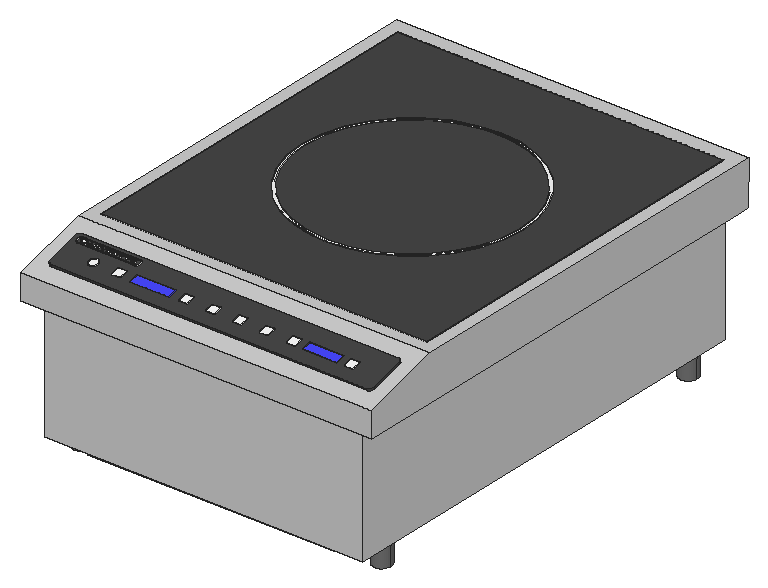
Revit family "QF_ADVENTYS_BTIC_6000_250902083901", category Specialty Equipment, Revit 2021
Family settings
  Round Connector Dimension = Use Diameter
  Part Type = Normal
  OmniClass Number = 23.40.40.14
  OmniClass Title = Food Service Equipment
  Work Plane-Based = No
  Always vertical = Yes
  Cut with Voids When Loaded = No
  Shared = No
  Room Calculation Point = No
Parameters (values of type "ADV2149")
  Weight in Pounds [instance] = 0
  Weight = 10.00 kg
  Warranty Start Date [instance] = ""
  Warranty Duration [instance] = ""
  Volts [instance] = 230 V
  URL Recommended Spares List = ""
  URL Manufacturer = ""
  URL Cutsheet = ""
  URL Critical Spares List = ""
  URL = "www.adventys.com"
  Tag Number [instance] = ""
  Status [instance] = ""
  Specification by User [instance] = ""
  Specification by Manufacturer [instance] = ""
  Sound Level [instance] = ""
  Solid Fuel Type [instance] = ""
  Service Life Duration [instance] = ""
  Serial Number [instance] = ""
  Seismic Rating [instance] = ""
  SMACNA No [instance] = ""
  Revision Code [instance] = ""
  Revision [instance] = ""
  Production Year [instance] = ""
  Point Load [instance] = 0
  Phase [instance] = 1
  Other Equipment Approvals [instance] = ""
  Number of Poles [instance] = 2
  NAFEM Spec ID Number [instance] = ""
  Model Warning [instance] = ""
  Model = "BTIC 6000"
  Min Ckt Ampacity [instance] = 0 A
  Max Overcurrent Protection [instance] = 16 A
  Masterspec [instance] = ""
  Manufacturer = "ADVENTYS"
  Length Actual = 392 mm
  Item Number [instance] = ""
  Installed By [instance] = ""
  Installation Date [instance] = ""
  Identify Quantity as Lot [instance] = no
  ID [instance] = ""
  Hygiene Approval [instance] = ""
  Hot Water Consumption = 0.0 L/s
  Height Actual = 206 mm
  HP power [instance] = ""
  Furnished By [instance] = ""
  Foodservice Equipment Identifier [instance] = no
  FL Amps [instance] = 10 A
  Electrical Remarks [instance] = "Plug not included"
  Electric power [instance] = 0 W
  Electric Connection Type [instance] = "Cord&Plug"
  Elec Conn RI Height [instance] = 0 mm
  Elec Conn Connection Height [instance] = 0 mm
  ETL Approved [instance] = no
  Description = "THREE-PHASE BIOLINE INDUCTION HOB"
  Depth Actual = 526 mm
  Default Elevation = 0 mm
  Cycle [instance] = 50 Hz
  Cost = 0
  Conn Plug [instance] = ""
  Conn Conduit [instance] = no
  CSI MasterFormat [instance] = ""
  CE Approved [instance] = no
  Barcode [instance] = 0
  Author [instance] = ""
  Asset Identifier [instance] = ""
  Apparent Power [instance] = 6000 VA
  Accessory = no
Reference planes
  plane 1 "Center (Front/Back)": y = 0
  plane 2: z = 0
  plane 3 "Center (Left/Right)": x = 0
Forms (mm)
  Extrusion 1, solid, not visible
    sketch origin (330.016, -72.004, 18.001) x (1, 0, 0) y (0, 1, 0)
      loop
        line (-2, 2) -> (-2, -2) -> (2, -2) -> (2, 2) -> (-2, 2)
    from -2 to 2
Dimensions and locks
  locked: nested 2 to Extrusion 1 at 2  (x2)
  aligned and locked: level to plane 2
Nested families
  nested 1: "QF_ADVENTYS_ADV2149_2916" at (0, 0, 0), type "ADV2149"
    with Status "", Show Logo yes, Show Clearance yes
  nested 2: "CONN_POINT_ELE_2D___Generic_Annotation" at (330.016, -72.004, 16.001), type "CONN_POINT_ELE_2D___Generic_Annotation"
    with Onboard connection annotation symbol visibility yes
Connectors
  electrical at (330.016, -72.004, 16.001), driven by "Apparent Power", driven by "Number of Poles", driven by "Volts"
    settings: on Extrusion 1, index 1, voltage 230 V, apparent load 0 VA, apparent load phase1 6000 VA, apparent load phase2 0 VA, apparent load phase3 0 VA, power factor 1, load classification "Other", number of poles 2, system type 31, power factor state 1, is connector primary yes, connector utility no, sub classification motor no, connector description "Electrical connection for BTIC 6000"
Definition of nested family "QF_ADVENTYS_ADV2149_2916"
  Parameters (values of type "ADV2149")
    URL = "www.adventys.com"
    Status [instance] = ""
    Show Logo [instance] = yes
    Show Clearance [instance] = yes
    Model = "BTIC 6000"
    Manufacturer = "ADVENTYS"
    Description = "THREE-PHASE BIOLINE INDUCTION HOB"
    Default Elevation = 0 mm
    Author = "SPECIFI"
    Assembly Code = "E1090320"
  Reference planes
    plane 1 "Back": y = 0
    plane 2: z = 0
    plane 3 "Left": x = 0
    plane 4 "Right": x = 392
    plane 5 "Front": y = -526
    plane 6 "Top": z = 206
  Forms (mm)
    Extrusion 1, solid
      sketch origin (0, -550, 28.399) x (0, 1, 0) y (0, 0, 1)
        loop
          line (105.13, 177.601) -> (24, 155.863) -> (24, 127.601) -> (539.79, 127.601) -> (550, 127.601) -> (550, 177.601) -> (105.13, 177.601)
      from 0 to 392
    Extrusion 2, void
      sketch origin (0, 550, 28.399) x (1, 0, 0) y (0, 1, 0)
        loop
          line (13.2, -565.546) -> (13.2, -980.546) -> (377.593, -980.546) -> (377.593, -565.546) -> (13.2, -565.546)
      from 139.493 to 177.601
    Extrusion 3, solid
      sketch origin (41, -114.666, 146.434) x (1, 0, 0) y (0, 0.965926, 0.258819)
        loop
          arc (-21, -323.032) -> (-24.536, -324.496) -> (-26, -328.032) r 5
          line (-26, -328.032) -> (-26, -363.032)
          arc (-26, -363.032) -> (-24.536, -366.568) -> (-21, -368.032) r 5
          line (-21, -368.032) -> (331, -368.032)
          arc (331, -368.032) -> (334.536, -366.568) -> (336, -363.032) r 5
          line (336, -363.032) -> (336, -328.032)
          arc (336, -328.032) -> (334.536, -324.496) -> (331, -323.032) r 5
          line (331, -323.032) -> (-21, -323.032)
        loop
          circle (10.799, -348.029) r 5
        loop
          line (34.385, -344.032) -> (34.385, -352.032)
          arc (34.385, -352.032) -> (34.678, -352.739) -> (35.385, -353.032) r 1
          line (35.385, -353.032) -> (43.385, -353.032)
          arc (43.385, -353.032) -> (44.092, -352.739) -> (44.385, -352.032) r 1
          line (44.385, -352.032) -> (44.385, -344.032)
          arc (44.385, -344.032) -> (44.092, -343.325) -> (43.385, -343.032) r 1
          line (43.385, -343.032) -> (35.385, -343.032)
          arc (35.385, -343.032) -> (34.678, -343.325) -> (34.385, -344.032) r 1
        loop
          line (109.385, -344.032) -> (109.385, -352.032)
          arc (109.385, -352.032) -> (109.678, -352.739) -> (110.385, -353.032) r 1
          line (110.385, -353.032) -> (118.385, -353.032)
          arc (118.385, -353.032) -> (119.092, -352.739) -> (119.385, -352.032) r 1
          line (119.385, -352.032) -> (119.385, -344.032)
          arc (119.385, -344.032) -> (119.092, -343.325) -> (118.385, -343.032) r 1
          line (118.385, -343.032) -> (110.385, -343.032)
          arc (110.385, -343.032) -> (109.678, -343.325) -> (109.385, -344.032) r 1
        loop
          line (139.385, -344.032) -> (139.385, -352.032)
          arc (139.385, -352.032) -> (139.678, -352.739) -> (140.385, -353.032) r 1
          line (140.385, -353.032) -> (148.385, -353.032)
          arc (148.385, -353.032) -> (149.092, -352.739) -> (149.385, -352.032) r 1
          line (149.385, -352.032) -> (149.385, -344.032)
          arc (149.385, -344.032) -> (149.092, -343.325) -> (148.385, -343.032) r 1
          line (148.385, -343.032) -> (140.385, -343.032)
          arc (140.385, -343.032) -> (139.678, -343.325) -> (139.385, -344.032) r 1
        loop
          line (169.385, -344.032) -> (169.385, -352.032)
          arc (169.385, -352.032) -> (169.678, -352.739) -> (170.385, -353.032) r 1
          line (170.385, -353.032) -> (178.385, -353.032)
          arc (178.385, -353.032) -> (179.092, -352.739) -> (179.385, -352.032) r 1
          line (179.385, -352.032) -> (179.385, -344.032)
          arc (179.385, -344.032) -> (179.092, -343.325) -> (178.385, -343.032) r 1
          line (178.385, -343.032) -> (170.385, -343.032)
          arc (170.385, -343.032) -> (169.678, -343.325) -> (169.385, -344.032) r 1
        loop
          line (199.385, -344.032) -> (199.385, -352.032)
          arc (199.385, -352.032) -> (199.678, -352.739) -> (200.385, -353.032) r 1
          line (200.385, -353.032) -> (208.385, -353.032)
          arc (208.385, -353.032) -> (209.092, -352.739) -> (209.385, -352.032) r 1
          line (209.385, -352.032) -> (209.385, -344.032)
          arc (209.385, -344.032) -> (209.092, -343.325) -> (208.385, -343.032) r 1
          line (208.385, -343.032) -> (200.385, -343.032)
          arc (200.385, -343.032) -> (199.678, -343.325) -> (199.385, -344.032) r 1
        loop
          line (229.385, -344.032) -> (229.385, -352.032)
          arc (229.385, -352.032) -> (229.678, -352.739) -> (230.385, -353.032) r 1
          line (230.385, -353.032) -> (238.385, -353.032)
          arc (238.385, -353.032) -> (239.092, -352.739) -> (239.385, -352.032) r 1
          line (239.385, -352.032) -> (239.385, -344.032)
          arc (239.385, -344.032) -> (239.092, -343.325) -> (238.385, -343.032) r 1
          line (238.385, -343.032) -> (230.385, -343.032)
          arc (230.385, -343.032) -> (229.678, -343.325) -> (229.385, -344.032) r 1
        loop
          line (294.385, -344.032) -> (294.385, -352.032)
          arc (294.385, -352.032) -> (294.678, -352.739) -> (295.385, -353.032) r 1
          line (295.385, -353.032) -> (303.385, -353.032)
          arc (303.385, -353.032) -> (304.092, -352.739) -> (304.385, -352.032) r 1
          line (304.385, -352.032) -> (304.385, -344.032)
          arc (304.385, -344.032) -> (304.092, -343.325) -> (303.385, -343.032) r 1
          line (303.385, -343.032) -> (295.385, -343.032)
          arc (295.385, -343.032) -> (294.678, -343.325) -> (294.385, -344.032) r 1
        loop
          line (247.896, -343.032) -> (247.896, -353.032) -> (285.857, -353.032) -> (285.857, -343.032) -> (247.896, -343.032)
        loop
          line (55.396, -343.032) -> (55.396, -353.032) -> (98.982, -353.032) -> (98.982, -343.032) -> (55.396, -343.032)
      from 143 to 145
    Extrusion 4, solid
      sketch origin (41, -114.666, 146.434) x (1, 0, 0) y (0, 0.965926, 0.258819)
        loop
          circle (10.635, -348.032) r 5
        loop
          arc (35.385, -343.032) -> (34.678, -343.325) -> (34.385, -344.032) r 1
          line (34.385, -344.032) -> (34.385, -352.032)
          arc (34.385, -352.032) -> (34.678, -352.739) -> (35.385, -353.032) r 1
          line (35.385, -353.032) -> (43.385, -353.032)
          arc (43.385, -353.032) -> (44.092, -352.739) -> (44.385, -352.032) r 1
          line (44.385, -352.032) -> (44.385, -344.032)
          arc (44.385, -344.032) -> (44.092, -343.325) -> (43.385, -343.032) r 1
          line (43.385, -343.032) -> (35.385, -343.032)
        loop
          arc (110.385, -343.032) -> (109.678, -343.325) -> (109.385, -344.032) r 1
          line (109.385, -344.032) -> (109.385, -352.032)
          arc (109.385, -352.032) -> (109.678, -352.739) -> (110.385, -353.032) r 1
          line (110.385, -353.032) -> (118.385, -353.032)
          arc (118.385, -353.032) -> (119.092, -352.739) -> (119.385, -352.032) r 1
          line (119.385, -352.032) -> (119.385, -344.032)
          arc (119.385, -344.032) -> (119.092, -343.325) -> (118.385, -343.032) r 1
          line (118.385, -343.032) -> (110.385, -343.032)
        loop
          arc (140.385, -343.032) -> (139.678, -343.325) -> (139.385, -344.032) r 1
          line (139.385, -344.032) -> (139.385, -352.032)
          arc (139.385, -352.032) -> (139.678, -352.739) -> (140.385, -353.032) r 1
          line (140.385, -353.032) -> (148.385, -353.032)
          arc (148.385, -353.032) -> (149.092, -352.739) -> (149.385, -352.032) r 1
          line (149.385, -352.032) -> (149.385, -344.032)
          arc (149.385, -344.032) -> (149.092, -343.325) -> (148.385, -343.032) r 1
          line (148.385, -343.032) -> (140.385, -343.032)
        loop
          arc (170.385, -343.032) -> (169.678, -343.325) -> (169.385, -344.032) r 1
          line (169.385, -344.032) -> (169.385, -352.032)
          arc (169.385, -352.032) -> (169.678, -352.739) -> (170.385, -353.032) r 1
          line (170.385, -353.032) -> (178.385, -353.032)
          arc (178.385, -353.032) -> (179.092, -352.739) -> (179.385, -352.032) r 1
          line (179.385, -352.032) -> (179.385, -344.032)
          arc (179.385, -344.032) -> (179.092, -343.325) -> (178.385, -343.032) r 1
          line (178.385, -343.032) -> (170.385, -343.032)
        loop
          arc (200.385, -343.032) -> (199.678, -343.325) -> (199.385, -344.032) r 1
          line (199.385, -344.032) -> (199.385, -352.032)
          arc (199.385, -352.032) -> (199.678, -352.739) -> (200.385, -353.032) r 1
          line (200.385, -353.032) -> (208.385, -353.032)
          arc (208.385, -353.032) -> (209.092, -352.739) -> (209.385, -352.032) r 1
          line (209.385, -352.032) -> (209.385, -344.032)
          arc (209.385, -344.032) -> (209.092, -343.325) -> (208.385, -343.032) r 1
          line (208.385, -343.032) -> (200.385, -343.032)
        loop
          arc (230.385, -343.032) -> (229.678, -343.325) -> (229.385, -344.032) r 1
          line (229.385, -344.032) -> (229.385, -352.032)
          arc (229.385, -352.032) -> (229.678, -352.739) -> (230.385, -353.032) r 1
          line (230.385, -353.032) -> (238.385, -353.032)
          arc (238.385, -353.032) -> (239.092, -352.739) -> (239.385, -352.032) r 1
          line (239.385, -352.032) -> (239.385, -344.032)
          arc (239.385, -344.032) -> (239.092, -343.325) -> (238.385, -343.032) r 1
          line (238.385, -343.032) -> (230.385, -343.032)
        loop
          arc (295.385, -343.032) -> (294.678, -343.325) -> (294.385, -344.032) r 1
          line (294.385, -344.032) -> (294.385, -352.032)
          arc (294.385, -352.032) -> (294.678, -352.739) -> (295.385, -353.032) r 1
          line (295.385, -353.032) -> (303.385, -353.032)
          arc (303.385, -353.032) -> (304.092, -352.739) -> (304.385, -352.032) r 1
          line (304.385, -352.032) -> (304.385, -344.032)
          arc (304.385, -344.032) -> (304.092, -343.325) -> (303.385, -343.032) r 1
          line (303.385, -343.032) -> (295.385, -343.032)
      from 143 to 145
    Extrusion 5, solid, visible <- "Show Logo"
      sketch origin (-63.557, -15.93, 139.999) x (1, 0, 0) y (0, 0.965926, 0.258819)
        loop
          arc (88.581, -421.313) -> (88.113, -421.507) -> (87.92, -421.974) r 0.661
          line (87.92, -421.974) -> (87.92, -423.61)
          arc (87.92, -423.61) -> (88.124, -424.087) -> (88.609, -424.27) r 0.661
          line (88.609, -424.27) -> (88.609, -423.032)
          arc (88.609, -423.032) -> (88.952, -422.351) -> (89.662, -422.077) r 1.058
          line (89.662, -422.077) -> (92.486, -422.077)
          arc (92.486, -422.077) -> (92.335, -421.544) -> (91.833, -421.313) r 0.661
          line (91.833, -421.313) -> (88.581, -421.313)
        loop
          arc (88.581, -420.916) -> (87.833, -421.226) -> (87.523, -421.974) r 1.058
          line (87.523, -421.974) -> (87.523, -423.61)
          arc (87.523, -423.61) -> (87.843, -424.368) -> (88.609, -424.667) r 1.058
          arc (88.609, -424.667) -> (88.88, -425.483) -> (89.667, -425.828) r 1.058
          arc (89.667, -425.828) -> (89.974, -426.583) -> (90.725, -426.896) r 1.058
          line (90.725, -426.896) -> (93.719, -426.896)
          arc (93.719, -426.896) -> (94.467, -426.586) -> (94.777, -425.838) r 1.058
          line (94.777, -425.838) -> (94.777, -424.306)
          arc (94.777, -424.306) -> (94.463, -423.554) -> (93.708, -423.248) r 1.058
          arc (93.708, -423.248) -> (93.515, -422.517) -> (92.883, -422.101) r 1.058
          arc (92.883, -422.101) -> (92.625, -421.273) -> (91.833, -420.916) r 1.058
          line (91.833, -420.916) -> (88.581, -420.916)
        loop
          arc (93.719, -426.499) -> (94.187, -426.306) -> (94.38, -425.838) r 0.661
          line (94.38, -425.838) -> (94.38, -424.306)
          arc (94.38, -424.306) -> (94.185, -423.837) -> (93.714, -423.645) r 0.661
          line (93.714, -423.645) -> (93.714, -424.77)
          arc (93.714, -424.77) -> (93.404, -425.518) -> (92.656, -425.828) r 1.058
          line (92.656, -425.828) -> (90.064, -425.828)
          arc (90.064, -425.828) -> (90.254, -426.302) -> (90.725, -426.499) r 0.661
          line (90.725, -426.499) -> (93.719, -426.499)
        loop
          arc (95.546, -425.156) -> (95.587, -425.684) -> (96.116, -425.67) r 0.384
          line (96.116, -425.67) -> (96.845, -424.94) -> (99.743, -424.94) -> (100.472, -425.67)
          arc (100.472, -425.67) -> (101.001, -425.684) -> (101.042, -425.156) r 0.384
          line (101.042, -425.156) -> (98.294, -421.762) -> (95.546, -425.156)
        loop
          line (98.294, -423.127) -> (97.364, -424.275) -> (99.224, -424.275) -> (98.294, -423.127)
        loop
          line (102.315, -421.827) -> (102.315, -425.732) -> (105.995, -425.732)
          arc (105.995, -425.732) -> (107.947, -423.78) -> (105.995, -421.827) r 1.953
          line (105.995, -421.827) -> (102.315, -421.827)
        loop
          line (105.995, -422.854) -> (103.343, -422.854) -> (103.343, -424.705) -> (105.995, -424.705)
          arc (105.995, -424.705) -> (106.92, -423.78) -> (105.995, -422.854) r 0.925
        loop
          arc (109.84, -422.053) -> (109.312, -422.039) -> (109.27, -422.566) r 0.384
          line (109.27, -422.566) -> (112.019, -425.961) -> (114.767, -422.566)
          arc (114.767, -422.566) -> (114.725, -422.039) -> (114.197, -422.053) r 0.384
          line (114.197, -422.053) -> (112.019, -424.743) -> (109.84, -422.053)
        loop
          line (121.269, -421.781) -> (116.07, -421.781) -> (116.07, -425.732) -> (121.269, -425.732)
          arc (121.269, -425.732) -> (121.671, -425.331) -> (121.269, -424.93) r 0.401
          line (121.269, -424.93) -> (116.972, -424.93) -> (116.972, -424.139) -> (121.269, -424.139)
          arc (121.269, -424.139) -> (121.633, -423.775) -> (121.269, -423.412) r 0.363
          line (121.269, -423.412) -> (116.972, -423.412) -> (116.972, -422.583) -> (121.269, -422.583)
          arc (121.269, -422.583) -> (121.671, -422.182) -> (121.269, -421.781) r 0.401
        loop
          line (122.879, -422.331) -> (122.879, -425.274)
          arc (122.879, -425.274) -> (123.306, -425.701) -> (123.733, -425.274) r 0.427
          line (123.733, -425.274) -> (123.733, -423.122) -> (127.538, -425.5)
          arc (127.538, -425.5) -> (128.155, -425.516) -> (128.468, -424.984) r 0.608
          line (128.468, -424.984) -> (128.468, -422.254)
          arc (128.468, -422.254) -> (128.018, -421.804) -> (127.568, -422.254) r 0.45
          line (127.568, -422.254) -> (127.568, -424.337) -> (123.663, -421.897)
          arc (123.663, -421.897) -> (123.143, -421.883) -> (122.879, -422.331) r 0.513
        loop
          arc (130.273, -421.857) -> (129.778, -422.352) -> (130.273, -422.846) r 0.494
          line (130.273, -422.846) -> (132.065, -422.846) -> (132.065, -425.082)
          arc (132.065, -425.082) -> (132.54, -425.558) -> (133.016, -425.082) r 0.475
          line (133.016, -425.082) -> (133.016, -422.846) -> (134.724, -422.846)
          arc (134.724, -422.846) -> (135.218, -422.352) -> (134.724, -421.857) r 0.494
          line (134.724, -421.857) -> (130.273, -421.857)
        loop
          line (139.461, -423.175) -> (137.5, -421.853)
          arc (137.5, -421.853) -> (136.836, -421.982) -> (136.965, -422.646) r 0.479
          line (136.965, -422.646) -> (138.926, -423.969) -> (138.926, -425.108)
          arc (138.926, -425.108) -> (139.461, -425.643) -> (139.997, -425.108) r 0.535
          line (139.997, -425.108) -> (139.997, -423.969) -> (141.958, -422.646)
          arc (141.958, -422.646) -> (142.087, -421.982) -> (141.423, -421.853) r 0.479
          line (141.423, -421.853) -> (139.461, -423.175)
        loop
          line (148.501, -421.857) -> (144.795, -421.857)
          arc (144.795, -421.857) -> (143.661, -422.991) -> (144.795, -424.125) r 1.134
          line (144.795, -424.125) -> (147.852, -424.125)
          arc (147.852, -424.125) -> (148.265, -424.538) -> (147.852, -424.951) r 0.413
          line (147.852, -424.951) -> (144.128, -424.951)
          arc (144.128, -424.951) -> (143.786, -425.292) -> (144.128, -425.634) r 0.342
          line (144.128, -425.634) -> (148.218, -425.634)
          arc (148.218, -425.634) -> (148.994, -424.394) -> (147.885, -423.44) r 1.122
          line (147.885, -423.44) -> (144.736, -423.44)
          arc (144.736, -423.44) -> (144.286, -422.99) -> (144.736, -422.541) r 0.45
          line (144.736, -422.541) -> (148.501, -422.541)
          arc (148.501, -422.541) -> (148.843, -422.199) -> (148.501, -421.857) r 0.342
        loop
          arc (87.442, -420.162) -> (83.674, -423.931) -> (87.442, -427.699) r 3.769
          line (87.442, -427.699) -> (150.103, -427.699)
          arc (150.103, -427.699) -> (153.872, -423.931) -> (150.103, -420.162) r 3.769
          line (150.103, -420.162) -> (87.442, -420.162)
        loop
          arc (87.442, -419.771) -> (83.283, -423.931) -> (87.442, -428.091) r 4.16
          line (87.442, -428.091) -> (150.103, -428.091)
          arc (150.103, -428.091) -> (154.263, -423.931) -> (150.103, -419.771) r 4.16
          line (150.103, -419.771) -> (87.442, -419.771)
      from 176.77 to 176.97
    Extrusion 6, solid
      sketch origin (61, -114.666, 146.434) x (1, 0, 0) y (0, 0.965926, 0.258819)
        loop
          line (35.396, -343.032) -> (35.396, -353.032) -> (78.982, -353.032) -> (78.982, -343.032) -> (35.396, -343.032)
        loop
          line (227.896, -343.032) -> (227.896, -353.032) -> (265.857, -353.032) -> (265.857, -343.032) -> (227.896, -343.032)
      from 143 to 145
    Extrusion 7, solid
      sketch origin (0, 0, 33.109) x (1, 0, 0) y (0, 1, 0)
        loop
          line (377.593, -15.546) -> (13.2, -15.546) -> (13.2, -430.546) -> (377.593, -430.546) -> (377.593, -15.546)
        loop
          circle (195.397, -223.046) r 123
        loop
          circle (195.397, -223.046) r 120
      from 167.891 to 172.891
    Extrusion 8, solid
      sketch origin (328.715, -68.75, 0) x (1, 0, 0) y (0, 1, 0)
        loop
          circle (35.053, -407.215) r 10
      from 0 to 21.787
    Extrusion 9, solid
      sketch origin (328.715, 358.75, 0) x (1, 0, 0) y (0, 1, 0)
        loop
          circle (35.053, -407.215) r 10
      from 0 to 21.787
    Extrusion 10, solid
      sketch origin (2.465, 0, 0) x (0, 1, 0) y (0, 0, 1)
        loop
          line (-341, 21.787) -> (-502.47, 21.787) -> (-502.47, 11.787) -> (-341, 11.787) -> (-341, 21.787)
      from 53.604 to 328.859
    Extrusion 11, solid
      sketch origin (279.893, -13.777, 0) x (1, 0, 0) y (0, 1, 0)
        loop
          circle (50.572, -58.223) r 15
      from 15.423 to 21.787
    Extrusion 12, solid
      sketch origin (2.404, 0, 0) x (1, 0, 0) y (0, 1, 0)
        loop
          line (15.828, -10.21) -> (15.828, -515) -> (371.364, -515) -> (371.364, -10.21) -> (15.828, -10.21)
      from 21.787 to 156
    Extrusion 13, solid
      sketch origin (63.285, -68.75, 0) x (-1, 0, 0) y (0, -1, 0)
        loop
          circle (35.053, 407.215) r 10
      from 0 to 21.787
    Extrusion 14, solid
      sketch origin (63.285, 358.75, 0) x (-1, 0, 0) y (0, -1, 0)
        loop
          circle (35.053, 407.215) r 10
      from 0 to 21.787
    Extrusion 15, solid
      sketch origin (0, 0, 0) x (1, 0, 0) y (0, 1, 0)
        loop
          circle (195.397, -223.046) r 120
        loop
          circle (195.397, -223.046) r 123
      from 201 to 206
    Extrusion 16, void
      sketch origin (0, 0, 0) x (1, 0, 0) y (0, 1, 0)
        loop
          line (392, 0) -> (0, 0) -> (0, -526) -> (392, -526) -> (392, 0)
      from 0 to 156
  Cuts and joins
    Extrusion 2 cuts Extrusion 1
  Lines and regions (mm)
    symbolic lines
      curve 1: line (0, 0, 0) -> (392, 0, 0)
      curve 2: line (392, 0, 0) -> (392, -526, 0)
      curve 3: line (392, -526, 0) -> (0, -526, 0)
      curve 4: line (0, -526, 0) -> (0, 0, 0)
      curve 5: line (0, -444.87, 0) -> (392, -444.87, 0)
      curve 6: line (13.2, -430.546, 0) -> (377.593, -430.546, 0)
      curve 7: line (374.593, -427.546, 0) -> (16.2, -427.546, 0)
      curve 8: line (377.593, -430.546, 0) -> (377.593, -15.546, 0)
      curve 9: line (374.593, -18.546, 0) -> (374.593, -427.546, 0)
      curve 10: line (377.593, -15.546, 0) -> (13.2, -15.546, 0)
      curve 11: line (16.2, -18.546, 0) -> (374.593, -18.546, 0)
      curve 12: line (16.2, -427.546, 0) -> (16.2, -18.546, 0)
      curve 13: line (13.2, -15.546, 0) -> (13.2, -430.546, 0)
      curve 14: spline (20, -464.219, 0) -> (19.347, -464.261, 0) -> (18.706, -464.384, 0) -> (18.087, -464.587, 0) -> (17.5, -464.866, 0) -> (16.956, -465.217, 0) -> (16.464, -465.634, 0) -> (16.033, -466.109, 0) -> (15.67, -466.634, 0) -> (15.381, -467.201, 0) -> (15.17, -467.799, 0) -> (15.043, -468.419, 0) -> (15, -469.049, 0)
      curve 15: line (372, -464.219, 0) -> (20, -464.219, 0)
      curve 16: line (15, -469.049, 0) -> (15, -502.856, 0)
      curve 17: spline (15, -502.856, 0) -> (15.043, -503.487, 0) -> (15.17, -504.106, 0) -> (15.381, -504.705, 0) -> (15.67, -505.271, 0) -> (16.033, -505.796, 0) -> (16.464, -506.271, 0) -> (16.956, -506.688, 0) -> (17.5, -507.039, 0) -> (18.087, -507.318, 0) -> (18.706, -507.521, 0) -> (19.347, -507.645, 0) -> (20, -507.686, 0)
      curve 18: line (20, -507.686, 0) -> (372, -507.686, 0)
      curve 19: spline (372, -507.686, 0) -> (372.653, -507.645, 0) -> (373.294, -507.521, 0) -> (373.913, -507.318, 0) -> (374.5, -507.039, 0) -> (375.044, -506.688, 0) -> (375.536, -506.271, 0) -> (375.967, -505.796, 0) -> (376.33, -505.271, 0) -> (376.619, -504.705, 0) -> (376.83, -504.106, 0) -> (376.957, -503.487, 0) -> (377, -502.856, 0)
      curve 20: line (377, -502.856, 0) -> (377, -469.049, 0)
      curve 21: spline (377, -469.049, 0) -> (376.957, -468.419, 0) -> (376.83, -467.799, 0) -> (376.619, -467.201, 0) -> (376.33, -466.634, 0) -> (375.967, -466.109, 0) -> (375.536, -465.634, 0) -> (375.044, -465.217, 0) -> (374.5, -464.866, 0) -> (373.913, -464.587, 0) -> (373.294, -464.384, 0) -> (372.653, -464.261, 0) -> (372, -464.219, 0)
      curve 22: line (345.385, -492.231, 0) -> (345.385, -484.504, 0)
      curve 23: spline (345.385, -484.504, 0) -> (345.376, -484.378, 0) -> (345.351, -484.254, 0) -> (345.309, -484.134, 0) -> (345.251, -484.021, 0) -> (345.178, -483.916, 0) -> (345.092, -483.821, 0) -> (344.993, -483.737, 0) -> (344.885, -483.667, 0) -> (344.767, -483.611, 0) -> (344.643, -483.571, 0) -> (344.515, -483.546, 0) -> (344.385, -483.538, 0)
      curve 24: line (344.385, -483.538, 0) -> (336.385, -483.538, 0)
      curve 25: spline (336.385, -483.538, 0) -> (336.254, -483.546, 0) -> (336.126, -483.571, 0) -> (336.002, -483.611, 0) -> (335.885, -483.667, 0) -> (335.776, -483.737, 0) -> (335.678, -483.821, 0) -> (335.591, -483.916, 0) -> (335.519, -484.021, 0) -> (335.461, -484.134, 0) -> (335.419, -484.254, 0) -> (335.393, -484.378, 0) -> (335.385, -484.504, 0)
      curve 26: line (335.385, -484.504, 0) -> (335.385, -492.231, 0)
      curve 27: spline (336.385, -493.197, 0) -> (336.254, -493.189, 0) -> (336.126, -493.164, 0) -> (336.002, -493.124, 0) -> (335.885, -493.068, 0) -> (335.776, -492.998, 0) -> (335.678, -492.914, 0) -> (335.591, -492.819, 0) -> (335.519, -492.714, 0) -> (335.461, -492.601, 0) -> (335.419, -492.481, 0) -> (335.393, -492.357, 0) -> (335.385, -492.231, 0)
      curve 28: line (336.385, -493.197, 0) -> (344.385, -493.197, 0)
      curve 29: spline (344.385, -493.197, 0) -> (344.515, -493.189, 0) -> (344.643, -493.164, 0) -> (344.767, -493.124, 0) -> (344.885, -493.068, 0) -> (344.993, -492.998, 0) -> (345.092, -492.914, 0) -> (345.178, -492.819, 0) -> (345.251, -492.714, 0) -> (345.309, -492.601, 0) -> (345.351, -492.481, 0) -> (345.376, -492.357, 0) -> (345.385, -492.231, 0)
      curve 30: line (326.857, -493.197, 0) -> (326.857, -483.538, 0)
      curve 31: line (326.857, -483.538, 0) -> (288.896, -483.538, 0)
      curve 32: line (288.896, -493.197, 0) -> (326.857, -493.197, 0)
      curve 33: line (288.896, -483.538, 0) -> (288.896, -493.197, 0)
      curve 34: spline (56.635, -488.368, 0) -> (56.464, -487.118, 0) -> (55.965, -485.953, 0) -> (55.17, -484.952, 0) -> (54.135, -484.185, 0) -> (52.929, -483.702, 0) -> (51.635, -483.538, 0) -> (50.341, -483.702, 0) -> (49.135, -484.185, 0) -> (48.099, -484.952, 0) -> (47.305, -485.953, 0) -> (46.805, -487.118, 0) -> (46.635, -488.368, 0)
      curve 35: spline (46.635, -488.368, 0) -> (46.805, -489.618, 0) -> (47.305, -490.782, 0) -> (48.099, -491.783, 0) -> (49.135, -492.55, 0) -> (50.341, -493.033, 0) -> (51.635, -493.197, 0) -> (52.929, -493.033, 0) -> (54.135, -492.55, 0) -> (55.17, -491.783, 0) -> (55.965, -490.782, 0) -> (56.464, -489.618, 0) -> (56.635, -488.368, 0)
      curve 36: line (139.982, -483.538, 0) -> (96.396, -483.538, 0)
      curve 37: line (96.396, -483.538, 0) -> (96.396, -493.197, 0)
      curve 38: line (96.396, -493.197, 0) -> (139.982, -493.197, 0)
      curve 39: line (139.982, -493.197, 0) -> (139.982, -483.538, 0)
      curve 40: line (280.385, -492.231, 0) -> (280.385, -484.504, 0)
      curve 41: spline (280.385, -484.504, 0) -> (280.376, -484.378, 0) -> (280.351, -484.254, 0) -> (280.309, -484.134, 0) -> (280.251, -484.021, 0) -> (280.178, -483.916, 0) -> (280.092, -483.821, 0) -> (279.993, -483.737, 0) -> (279.885, -483.667, 0) -> (279.767, -483.611, 0) -> (279.643, -483.571, 0) -> (279.515, -483.546, 0) -> (279.385, -483.538, 0)
      curve 42: line (279.385, -483.538, 0) -> (271.385, -483.538, 0)
      curve 43: spline (271.385, -483.538, 0) -> (271.254, -483.546, 0) -> (271.126, -483.571, 0) -> (271.002, -483.611, 0) -> (270.885, -483.667, 0) -> (270.776, -483.737, 0) -> (270.678, -483.821, 0) -> (270.591, -483.916, 0) -> (270.519, -484.021, 0) -> (270.461, -484.134, 0) -> (270.419, -484.254, 0) -> (270.393, -484.378, 0) -> (270.385, -484.504, 0)
      curve 44: line (270.385, -484.504, 0) -> (270.385, -492.231, 0)
      curve 45: spline (271.385, -493.197, 0) -> (271.254, -493.189, 0) -> (271.126, -493.164, 0) -> (271.002, -493.124, 0) -> (270.885, -493.068, 0) -> (270.776, -492.998, 0) -> (270.678, -492.914, 0) -> (270.591, -492.819, 0) -> (270.519, -492.714, 0) -> (270.461, -492.601, 0) -> (270.419, -492.481, 0) -> (270.393, -492.357, 0) -> (270.385, -492.231, 0)
      curve 46: line (271.385, -493.197, 0) -> (279.385, -493.197, 0)
      curve 47: spline (279.385, -493.197, 0) -> (279.515, -493.189, 0) -> (279.643, -493.164, 0) -> (279.767, -493.124, 0) -> (279.885, -493.068, 0) -> (279.993, -492.998, 0) -> (280.092, -492.914, 0) -> (280.178, -492.819, 0) -> (280.251, -492.714, 0) -> (280.309, -492.601, 0) -> (280.351, -492.481, 0) -> (280.376, -492.357, 0) -> (280.385, -492.231, 0)
      curve 48: line (250.385, -492.231, 0) -> (250.385, -484.504, 0)
      curve 49: spline (250.385, -484.504, 0) -> (250.376, -484.378, 0) -> (250.351, -484.254, 0) -> (250.309, -484.134, 0) -> (250.251, -484.021, 0) -> (250.178, -483.916, 0) -> (250.092, -483.821, 0) -> (249.993, -483.737, 0) -> (249.885, -483.667, 0) -> (249.767, -483.611, 0) -> (249.643, -483.571, 0) -> (249.515, -483.546, 0) -> (249.385, -483.538, 0)
      curve 50: line (249.385, -483.538, 0) -> (241.385, -483.538, 0)
      curve 51: spline (241.385, -483.538, 0) -> (241.254, -483.546, 0) -> (241.126, -483.571, 0) -> (241.002, -483.611, 0) -> (240.885, -483.667, 0) -> (240.776, -483.737, 0) -> (240.678, -483.821, 0) -> (240.591, -483.916, 0) -> (240.519, -484.021, 0) -> (240.461, -484.134, 0) -> (240.419, -484.254, 0) -> (240.393, -484.378, 0) -> (240.385, -484.504, 0)
      curve 52: line (240.385, -484.504, 0) -> (240.385, -492.231, 0)
      curve 53: spline (241.385, -493.197, 0) -> (241.254, -493.189, 0) -> (241.126, -493.164, 0) -> (241.002, -493.124, 0) -> (240.885, -493.068, 0) -> (240.776, -492.998, 0) -> (240.678, -492.914, 0) -> (240.591, -492.819, 0) -> (240.519, -492.714, 0) -> (240.461, -492.601, 0) -> (240.419, -492.481, 0) -> (240.393, -492.357, 0) -> (240.385, -492.231, 0)
      curve 54: line (241.385, -493.197, 0) -> (249.385, -493.197, 0)
      curve 55: spline (249.385, -493.197, 0) -> (249.515, -493.189, 0) -> (249.643, -493.164, 0) -> (249.767, -493.124, 0) -> (249.885, -493.068, 0) -> (249.993, -492.998, 0) -> (250.092, -492.914, 0) -> (250.178, -492.819, 0) -> (250.251, -492.714, 0) -> (250.309, -492.601, 0) -> (250.351, -492.481, 0) -> (250.376, -492.357, 0) -> (250.385, -492.231, 0)
      curve 56: line (220.385, -492.231, 0) -> (220.385, -484.504, 0)
      curve 57: spline (220.385, -484.504, 0) -> (220.376, -484.378, 0) -> (220.351, -484.254, 0) -> (220.309, -484.134, 0) -> (220.251, -484.021, 0) -> (220.178, -483.916, 0) -> (220.092, -483.821, 0) -> (219.993, -483.737, 0) -> (219.885, -483.667, 0) -> (219.767, -483.611, 0) -> (219.643, -483.571, 0) -> (219.515, -483.546, 0) -> (219.385, -483.538, 0)
      curve 58: line (219.385, -483.538, 0) -> (211.385, -483.538, 0)
      curve 59: spline (211.385, -483.538, 0) -> (211.254, -483.546, 0) -> (211.126, -483.571, 0) -> (211.002, -483.611, 0) -> (210.885, -483.667, 0) -> (210.776, -483.737, 0) -> (210.678, -483.821, 0) -> (210.591, -483.916, 0) -> (210.519, -484.021, 0) -> (210.461, -484.134, 0) -> (210.419, -484.254, 0) -> (210.393, -484.378, 0) -> (210.385, -484.504, 0)
      curve 60: line (210.385, -484.504, 0) -> (210.385, -492.231, 0)
      curve 61: spline (211.385, -493.197, 0) -> (211.254, -493.189, 0) -> (211.126, -493.164, 0) -> (211.002, -493.124, 0) -> (210.885, -493.068, 0) -> (210.776, -492.998, 0) -> (210.678, -492.914, 0) -> (210.591, -492.819, 0) -> (210.519, -492.714, 0) -> (210.461, -492.601, 0) -> (210.419, -492.481, 0) -> (210.393, -492.357, 0) -> (210.385, -492.231, 0)
      curve 62: line (211.385, -493.197, 0) -> (219.385, -493.197, 0)
      curve 63: spline (219.385, -493.197, 0) -> (219.515, -493.189, 0) -> (219.643, -493.164, 0) -> (219.767, -493.124, 0) -> (219.885, -493.068, 0) -> (219.993, -492.998, 0) -> (220.092, -492.914, 0) -> (220.178, -492.819, 0) -> (220.251, -492.714, 0) -> (220.309, -492.601, 0) -> (220.351, -492.481, 0) -> (220.376, -492.357, 0) -> (220.385, -492.231, 0)
      curve 64: line (190.385, -492.231, 0) -> (190.385, -484.504, 0)
      curve 65: spline (190.385, -484.504, 0) -> (190.376, -484.378, 0) -> (190.351, -484.254, 0) -> (190.309, -484.134, 0) -> (190.251, -484.021, 0) -> (190.178, -483.916, 0) -> (190.092, -483.821, 0) -> (189.993, -483.737, 0) -> (189.885, -483.667, 0) -> (189.767, -483.611, 0) -> (189.643, -483.571, 0) -> (189.515, -483.546, 0) -> (189.385, -483.538, 0)
      curve 66: line (189.385, -483.538, 0) -> (181.385, -483.538, 0)
      curve 67: spline (181.385, -483.538, 0) -> (181.254, -483.546, 0) -> (181.126, -483.571, 0) -> (181.002, -483.611, 0) -> (180.885, -483.667, 0) -> (180.776, -483.737, 0) -> (180.678, -483.821, 0) -> (180.591, -483.916, 0) -> (180.519, -484.021, 0) -> (180.461, -484.134, 0) -> (180.419, -484.254, 0) -> (180.393, -484.378, 0) -> (180.385, -484.504, 0)
      curve 68: line (180.385, -484.504, 0) -> (180.385, -492.231, 0)
      curve 69: spline (181.385, -493.197, 0) -> (181.254, -493.189, 0) -> (181.126, -493.164, 0) -> (181.002, -493.124, 0) -> (180.885, -493.068, 0) -> (180.776, -492.998, 0) -> (180.678, -492.914, 0) -> (180.591, -492.819, 0) -> (180.519, -492.714, 0) -> (180.461, -492.601, 0) -> (180.419, -492.481, 0) -> (180.393, -492.357, 0) -> (180.385, -492.231, 0)
      curve 70: line (181.385, -493.197, 0) -> (189.385, -493.197, 0)
      curve 71: spline (189.385, -493.197, 0) -> (189.515, -493.189, 0) -> (189.643, -493.164, 0) -> (189.767, -493.124, 0) -> (189.885, -493.068, 0) -> (189.993, -492.998, 0) -> (190.092, -492.914, 0) -> (190.178, -492.819, 0) -> (190.251, -492.714, 0) -> (190.309, -492.601, 0) -> (190.351, -492.481, 0) -> (190.376, -492.357, 0) -> (190.385, -492.231, 0)
      curve 72: line (160.385, -492.231, 0) -> (160.385, -484.504, 0)
      curve 73: spline (160.385, -484.504, 0) -> (160.376, -484.378, 0) -> (160.351, -484.254, 0) -> (160.309, -484.134, 0) -> (160.251, -484.021, 0) -> (160.178, -483.916, 0) -> (160.092, -483.821, 0) -> (159.993, -483.737, 0) -> (159.885, -483.667, 0) -> (159.767, -483.611, 0) -> (159.643, -483.571, 0) -> (159.515, -483.546, 0) -> (159.385, -483.538, 0)
      curve 74: line (159.385, -483.538, 0) -> (151.385, -483.538, 0)
      curve 75: spline (151.385, -483.538, 0) -> (151.254, -483.546, 0) -> (151.126, -483.571, 0) -> (151.002, -483.611, 0) -> (150.885, -483.667, 0) -> (150.776, -483.737, 0) -> (150.678, -483.821, 0) -> (150.591, -483.916, 0) -> (150.519, -484.021, 0) -> (150.461, -484.134, 0) -> (150.419, -484.254, 0) -> (150.393, -484.378, 0) -> (150.385, -484.504, 0)
      curve 76: line (150.385, -484.504, 0) -> (150.385, -492.231, 0)
      curve 77: spline (151.385, -493.197, 0) -> (151.254, -493.189, 0) -> (151.126, -493.164, 0) -> (151.002, -493.124, 0) -> (150.885, -493.068, 0) -> (150.776, -492.998, 0) -> (150.678, -492.914, 0) -> (150.591, -492.819, 0) -> (150.519, -492.714, 0) -> (150.461, -492.601, 0) -> (150.419, -492.481, 0) -> (150.393, -492.357, 0) -> (150.385, -492.231, 0)
      curve 78: line (151.385, -493.197, 0) -> (159.385, -493.197, 0)
      curve 79: spline (159.385, -493.197, 0) -> (159.515, -493.189, 0) -> (159.643, -493.164, 0) -> (159.767, -493.124, 0) -> (159.885, -493.068, 0) -> (159.993, -492.998, 0) -> (160.092, -492.914, 0) -> (160.178, -492.819, 0) -> (160.251, -492.714, 0) -> (160.309, -492.601, 0) -> (160.351, -492.481, 0) -> (160.376, -492.357, 0) -> (160.385, -492.231, 0)
      curve 80: line (85.385, -492.231, 0) -> (85.385, -484.504, 0)
      curve 81: spline (85.385, -484.504, 0) -> (85.376, -484.378, 0) -> (85.351, -484.254, 0) -> (85.309, -484.134, 0) -> (85.251, -484.021, 0) -> (85.178, -483.916, 0) -> (85.092, -483.821, 0) -> (84.993, -483.737, 0) -> (84.885, -483.667, 0) -> (84.767, -483.611, 0) -> (84.643, -483.571, 0) -> (84.515, -483.546, 0) -> (84.385, -483.538, 0)
      curve 82: line (84.385, -483.538, 0) -> (76.385, -483.538, 0)
      curve 83: spline (76.385, -483.538, 0) -> (76.254, -483.546, 0) -> (76.126, -483.571, 0) -> (76.002, -483.611, 0) -> (75.885, -483.667, 0) -> (75.776, -483.737, 0) -> (75.678, -483.821, 0) -> (75.591, -483.916, 0) -> (75.519, -484.021, 0) -> (75.461, -484.134, 0) -> (75.419, -484.254, 0) -> (75.393, -484.378, 0) -> (75.385, -484.504, 0)
      curve 84: line (75.385, -484.504, 0) -> (75.385, -492.231, 0)
      curve 85: spline (76.385, -493.197, 0) -> (76.254, -493.189, 0) -> (76.126, -493.164, 0) -> (76.002, -493.124, 0) -> (75.885, -493.068, 0) -> (75.776, -492.998, 0) -> (75.678, -492.914, 0) -> (75.591, -492.819, 0) -> (75.519, -492.714, 0) -> (75.461, -492.601, 0) -> (75.419, -492.481, 0) -> (75.393, -492.357, 0) -> (75.385, -492.231, 0)
      curve 86: line (76.385, -493.197, 0) -> (84.385, -493.197, 0)
      curve 87: spline (84.385, -493.197, 0) -> (84.515, -493.189, 0) -> (84.643, -493.164, 0) -> (84.767, -493.124, 0) -> (84.885, -493.068, 0) -> (84.993, -492.998, 0) -> (85.092, -492.914, 0) -> (85.178, -492.819, 0) -> (85.251, -492.714, 0) -> (85.309, -492.601, 0) -> (85.351, -492.481, 0) -> (85.376, -492.357, 0) -> (85.385, -492.231, 0)
      curve 88: arc (72.397, -223.046, 0) -> (195.397, -346.046, 0) -> (318.397, -223.046, 0) r 123
      curve 89: arc (318.397, -223.046, 0) -> (195.397, -100.046, 0) -> (72.397, -223.046, 0) r 123
      curve 90: arc (75.397, -223.046, 0) -> (195.397, -103.046, 0) -> (315.397, -223.046, 0) r 120
      curve 91: arc (315.397, -223.046, 0) -> (195.397, -343.046, 0) -> (75.397, -223.046, 0) r 120
  Dimensions and locks
    plane 3 "Left" to plane 4 "Right" = 392 mm
    plane 5 "Front" to plane 1 "Back" = 526 mm
    plane 6 "Top" to level = 206 mm
    aligned and locked: level to plane 2
Definition of nested family "CONN_POINT_ELE_2D___Generic_Annotation"
  Parameters (values of type "CONN_POINT_ELE_2D___Generic_Annotation")
    Onboard connection annotation symbol visibility [instance] = yes
  Reference planes
    plane 1: y = 0
    plane 2: x = 0
  Lines and regions (mm)
    detail lines, visible <- "Onboard connection annotation symbol visibility"
      curve 1: circle (0, 0, 0) r 0.5 normal (0, 0, 1)
      curve 2: line (-1, 0, 0) -> (1, 0, 0)
      curve 3: line (0, 1, 0) -> (0, -1, 0)
      curve 4: line (2.5, 1, 0) -> (1.25, 1, 0)
      curve 5: line (1.25, 1, 0) -> (1.25, -1, 0)
      curve 6: line (1.25, -1, 0) -> (2.5, -1, 0)
      curve 7: line (1.25, 0, 0) -> (2, 0, 0)
